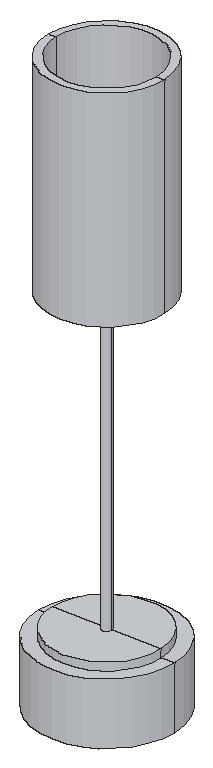
Revit family "Alcon-12303-P-Revit-Family", category Lighting Fixtures, host Face, Revit 2021
Family settings
  Host = Face
  Round Connector Dimension = Use Diameter
  Part Type = Normal
  Cut with Voids When Loaded = No
  Light Source = Yes
  Shared = No
  Room Calculation Point = No
Parameters
  Wattage = 9.2903 W
  built-in parameter 1150110 = 1 (stored number, unit not read)
  built-in parameter 1114217 = 1 (stored number, unit not read)
  Tilt Angle = 90.00°
  built-in parameter 1150109 = 1 (stored number, unit not read)
  built-in parameter 1150134 = 3
  built-in parameter 1150113 = 1 (stored number, unit not read)
  built-in parameter 1010507 = 1.5708 (stored number, unit not read)
  built-in parameter 1010506 = 0.5236 (stored number, unit not read)
  Product identity = "Alcon Lighting 12303-P"
  Manufacturer = "Alcon Light"
  built-in parameter 1150105 = 4614.1 (stored number, unit not read)
  Lumens = 1380 lm
  built-in parameter 1150115 = 1 (stored number, unit not read)
  Link To Product Page = "https://www.alconlighting.com/12303-p.html"
  Light Source Symbol Length = 10' - 0"
  built-in parameter 1150137 = (empty or 0)
  built-in parameter 1150139 = (empty or 0)
  Length = 1' - 0"
  built-in parameter 1150112 = 1 (stored number, unit not read)
  built-in parameter 1150114 = 1 (stored number, unit not read)
  built-in parameter 1150132 = (empty or 0)
  built-in parameter 1150102 = (empty or 0)
  built-in parameter 1150107 = 3200 (stored number, unit not read)
  built-in parameter 1150138 = (empty or 0)
  built-in parameter 1150106 = 46.141 (stored number, unit not read)
  Housing = none
  built-in parameter 1150104 = 13.8 (stored number, unit not read)
  Dimming Lamp Color Temperature Shift = (empty or 0)
  Default Elevation = 4' - 0"
  Color Filter = 16777215
  built-in parameter 1114218 = 1 (stored number, unit not read)
  built-in parameter 1150133 = 10 (stored number, unit not read)
Reference planes (in)
  plane 1 "Center (Front/Back)": y = 0
  plane 2: z = 0
  plane 3 "Center (Left/Right)": x = 0
Forms (in)
  Extrusion 1, solid, material <- "Housing"
    sketch origin (0, 0, -4.5) x (0, 1, 0) y (-1, 0, 0)
      loop
        circle (0, 0) r 0.15448
    from 6.75 to 16.5
  Revolve 2, solid, material <- "Housing"
    sketch origin (0, 0, 21) x (-1, 0, 0) y (0, 0, -1)
      loop
        line (0, 18.75) -> (1.75, 18.75) -> (1.75, 19) -> (2.1875, 19) -> (2.1875, 21) -> (0, 21) -> (0, 18.75)
      axis (0, 21) -> (0, 18.75)
    angle from 0 to 360
  Revolve 3, solid, material <- "Housing"
    sketch origin (0, 0, 21) x (-1, 0, 0) y (0, 0, -1)
      loop
        line (0, 9) -> (0, 7.81843) -> (1.625, 7.81843) -> (1.625, 2.25) -> (1.875, 2.25) -> (1.875, 9) -> (0, 9)
      axis (0, 9) -> (0, 2.25)
    angle from 0 to 360
Lines and regions (in)
  reference lines
    curve 1: line (-11.875, 0, 12) -> (11.125, 0, 12)
Dimensions and locks (in)
  "Length": curve 1 to level
  Revolve 3 sketch curve to Revolve 3 sketch curve to curve 1 = 0' - 5.56843" locked, 0' - 1.18157" locked
  aligned and locked: plane 2 to host face
  aligned and locked: level to host face
  aligned and locked: Revolve 3 sketch curve to curve 1
  aligned and locked: Extrusion 1 to curve 1
  aligned and locked: imposter light to Revolve 3
Automatic sketch dimensions
  host sketch curve to host sketch curve = 8' - 0"  (x2)
  plane 1 "Center (Front/Back)" to Extrusion 1 sketch curve = 0' - 0"
  Extrusion 1 sketch curve to plane 3 "Center (Left/Right)" = 0' - 0"
  Revolve 2 sketch curve to level = 0' - 0"  (x2)
  Revolve 2 sketch curve to plane 3 "Center (Left/Right)" = 0' - 0"  (x2)
  Revolve 2 sketch curve to plane 3 "Center (Left/Right)" = 0' - 1 3/4"
  Revolve 2 sketch curve to Revolve 2 sketch curve = 0' - 0 7/16"
  Revolve 2 sketch curve to Revolve 2 sketch curve = 0' - 2"
  Revolve 2 sketch curve to Revolve 2 sketch curve = 0' - 0 1/4"
  Revolve 2 sketch curve to Revolve 2 sketch curve = 0' - 0 1/2"
  Revolve 3 sketch curve to plane 3 "Center (Left/Right)" = 0' - 0"  (x2)
  Revolve 3 sketch curve to plane 3 "Center (Left/Right)" = 0' - 1 5/8"
  Revolve 3 sketch curve to Revolve 3 sketch curve = 0' - 0 1/4"
  Revolve 3 sketch curve to Revolve 3 sketch curve = 0' - 0"
  Revolve 3 sketch curve to Revolve 3 sketch curve = 0' - 0 3/4"
  curve 1 to plane 3 "Center (Left/Right)" = 0' - 11 7/8"
  plane 3 "Center (Left/Right)" to curve 1 = 0' - 11 1/8"
  radius of Extrusion 1 sketch curve = 0' - 0.15448"
